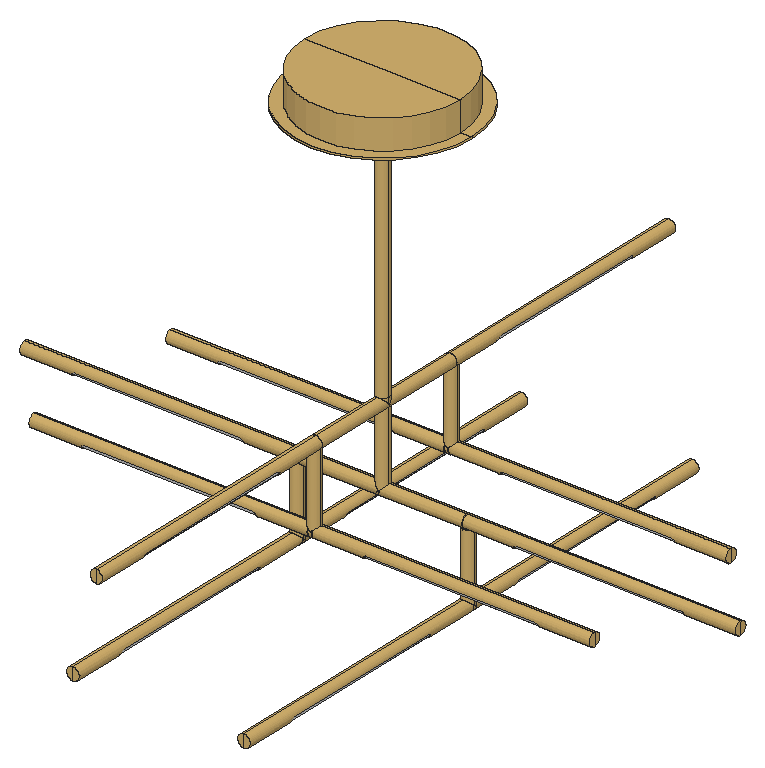
Revit family "3-806-XX PALILLO PENDANT", category Lighting Fixtures, host Ceiling, Revit 2019
Family settings
  Host = Ceiling
  Round Connector Dimension = Use Diameter
  Part Type = Normal
  OmniClass Number = 23.80.70.11
  OmniClass Title = Luminaries for Internal Lighting
  Always vertical = Yes
  Cut with Voids When Loaded = No
  Light Source = Yes
  Shared = No
  Room Calculation Point = No
Parameters (values of type "3-806-40 / Aged Brass - Matte White Acrylic")
  Wattage Comments = "6 x 8.5 W at 120 V"  # constant formula
  Wattage = 9.2903 W
  built-in parameter 1150110 = 1 (stored number, unit not read)
  Voltage Input = "120 V or 277 V - 50/60 Hz"  # constant formula
  Voltage = 120 V
  URL = "www.oxygenlighting.com"
  built-in parameter 1114217 = 1 (stored number, unit not read)
  built-in parameter 1150109 = 1 (stored number, unit not read)
  built-in parameter 1150134 = (empty or 0)
  built-in parameter 1150113 = 1 (stored number, unit not read)
  References = "Ref. 3 = 120 V / Ref. 37 = 277 V"  # constant formula
  Pendant height = 23"
  Model = "3-804-xx / Palillo Pendant"  # constant formula
  Metal Finish = 40 - Aged Brass
  Manufacturer = "Oxygen Lighting and Fans"  # constant formula
  Lumens = 1380 lm
  built-in parameter 1150115 = 1 (stored number, unit not read)
  built-in parameter 1150105 = 109.82 (stored number, unit not read)
  Light Source Symbol Size = 24"
  built-in parameter 1150137 = (empty or 0)
  built-in parameter 1150139 = (empty or 0)
  built-in parameter 1150112 = 1 (stored number, unit not read)
  built-in parameter 1150114 = 1 (stored number, unit not read)
  Lamp = "LED Array"  # constant formula
  built-in parameter 1150132 = 2
  built-in parameter 1150102 = (empty or 0)
  built-in parameter 1150138 = (empty or 0)
  built-in parameter 1150107 = 3000 (stored number, unit not read)
  built-in parameter 1150106 = 1.0982 (stored number, unit not read)
  built-in parameter 1150104 = 13.8 (stored number, unit not read)
  Dimming Lamp Color Temperature Shift = <None>
  Diffusers = Matte White Acrylic
  Color Filter = 16777215
  built-in parameter 1114218 = 1 (stored number, unit not read)
  built-in parameter 1150133 = 10 (stored number, unit not read)
Types (2): name | Pendant height | Metal Finish
  3-806-15 / Black - Matte White Acrylic | 26" | 15 - Black
  3-806-40 / Aged Brass - Matte White Acrylic | 23" | 40 - Aged Brass
Reference planes (in)
  plane 1 "Light Source Axis (F/B)": y = 0
  plane 2: z = 0
  plane 3 "Light Source Axis (L/R)": x = 0
  plane 4 "Ceiling": z = 157.48031
  plane 5 "Light Source Elevation": z = 134.48031
  plane 6: z = 142.73031
  plane 7: z = 155.90551
Forms (in)
  Revolve 1, solid, material "40 - Aged Brass" <- "Metal Finish"
    sketch origin (0, 0, 0) x (1, 0, 0) y (0, 0, 1)
      loop
        line (-0.31496, 155.59055) -> (-0.31496, 142.73031) -> (0, 142.73031) -> (0, 155.59055) -> (-0.31496, 155.59055)
      axis (0, 142.73031) -> (0, 155.59055)
    angle from 0 to 360
Dimensions and locks (in)
  equal spacing: host sketch curve, plane 3 "Light Source Axis (L/R)", host sketch curve
  equal spacing: host sketch curve, plane 1 "Light Source Axis (F/B)", host sketch curve
  host sketch curve to host sketch curve = 157.48031"  (x2)
  plane 4 "Ceiling" to host ceiling = 0"
  locked: plane 7 to plane 4 "Ceiling" at 1.5748
  "Pendant height": plane 5 "Light Source Elevation" to plane 4 "Ceiling"
  locked: plane 5 "Light Source Elevation" to plane 6 at 8.25
  aligned and locked: plane 3 "Light Source Axis (L/R)" to imposter light
  aligned and locked: plane 1 "Light Source Axis (F/B)" to imposter light
  aligned and locked: plane 5 "Light Source Elevation" to imposter light
  aligned and locked: plane 3 "Light Source Axis (L/R)" to nested 1
  aligned and locked: plane 1 "Light Source Axis (F/B)" to nested 1
  aligned and locked: nested 1 to plane 4 "Ceiling"
  aligned and locked: Revolve 1 to nested 1
  aligned and locked: Revolve 1 to plane 6
  aligned and locked: plane 3 "Light Source Axis (L/R)" to nested 2
  aligned and locked: plane 1 "Light Source Axis (F/B)" to nested 2
  aligned and locked: plane 6 to nested 2
Automatic sketch dimensions
  Revolve 1 sketch curve to plane 3 "Light Source Axis (L/R)" = 0"  (x2)
  Revolve 1 sketch curve to Revolve 1 sketch curve = 0.31496"
  Revolve 1 sketch curve to plane 7 = 13.1752"
  Revolve 1 sketch curve to plane 7 = 0.31496"
  Revolve 1 sketch curve to level = 14.10347"
  Revolve 1 sketch curve to plane 4 "Ceiling" = 14.25924"
Nested families (in)
  nested 1: "Family5" at (0, 0, 157.48031), type "Family5"
  nested 2: "Family6" at (0, 0, 142.41491), type "Family6"
Connectors (in)
  electrical at (0, 0, 157.48031), driven by "Voltage"
    settings: on nested 1, index 1, voltage 120 V, apparent load 0 VA, apparent load phase1 0 VA, apparent load phase2 0 VA, apparent load phase3 0 VA, power factor 1, load classification "Other", number of poles 1, system type 31, power factor state 1, is connector primary yes, connector utility no, sub classification motor no, connector description ""
Definition of nested family "Family5"
  Parameters (values of type "Family5")
    Metal Finish = none
  Reference planes (in)
    plane 1 "Center (Front/Back)": y = 0
    plane 2: z = 0
    plane 3 "Center (Left/Right)": x = 0
  Forms (in)
    Revolve 1, solid, material <- "Metal Finish"
      sketch origin (0, 0, -157.48031) x (1, 0, 0) y (0, 0, 1)
        loop
          line (0, 157.48031) -> (0, 155.90551) -> (0, 155.59055) -> (0.31496, 155.59055) -> (0.3937, 155.66929) -> (0.3937, 155.90551) -> (4.52756, 155.90551) -> (4.52756, 155.98425) -> (3.93701, 155.98425) -> (3.93701, 157.48031) -> (0, 157.48031)
        axis (0, 155.59055) -> (0, 157.48031)
      angle from 0 to 360
  Dimensions and locks (in)
    aligned and locked: level to plane 2
Definition of nested family "Family6"
  Parameters (values of type "Family6")
    Metal Finish = none
    Diffusers = none
  Reference planes (in)
    plane 1 "Center (Front/Back)": y = 0
    plane 2: z = 0
    plane 3 "Center (Left/Right)": x = 0
  Forms (in)
    Extrusion 1, solid, material <- "Metal Finish"
      sketch origin (0, 0, 0) x (1, 0, 0) y (0, 1, 0)
        loop
          circle (0, 0) r 0.31109
      from -3.97736 to 0.3154
    Extrusion 2, solid, material <- "Metal Finish"
      sketch origin (4.33071, 0, 0) x (1, 0, 0) y (0, 1, 0)
        loop
          circle (0, 0) r 0.31109
      from -7.70866 to -4.17421
    Extrusion 3, solid, material <- "Metal Finish"
      sketch origin (-4.33071, 0, 0) x (1, 0, 0) y (0, 1, 0)
        loop
          circle (0, 0) r 0.31109
      from -7.70866 to -4.17421
    Extrusion 4, solid, material <- "Metal Finish"
      sketch origin (0, 4.32936, 0) x (1, 0, 0) y (0, 1, 0)
        loop
          circle (0, 0) r 0.31109
      from -3.97736 to 0
    Extrusion 5, solid, material <- "Metal Finish"
      sketch origin (0, -4.33206, 0) x (1, 0, 0) y (0, 1, 0)
        loop
          circle (0, 0) r 0.31109
      from -3.97736 to 0
  Dimensions and locks (in)
    aligned and locked: level to plane 2
  Nested families (in)
    nested 1: "Family1" at (0, 0, -3.92815), type "Family1"
      with Lenght 36.22047", Center 8.51353"
    nested 2: "Family1" at (-4.33071, -0.00889, -7.65945) x (0, -1, 0) z (0, 0, 1), type "Family1"
      with Lenght 28.34646", Center 0.20749"
    nested 3: "Family1" at (4.33071, -0.00889, -7.65945) x (0, -1, 0) z (0, 0, 1), type "Family1"
      with Lenght 28.34646", Center 0.20749"
    nested 4: "Family1" at (-0.00135, 4.32182, -3.92815) x (-1, -0.0003, 0) z (0, 0, 1), type "Family1"
      with Lenght 28.34646", Center 0.20749"
    nested 5: "Family1" at (0.00135, -4.33959, -3.92815) x (-1, -0.0003, 0) z (0, 0, 1), type "Family1"
      with Lenght 28.34646", Center 0.20749"
    nested 6: "Family1" at (0, 0, 0) x (0, -1, 0) z (0, 0, 1), type "Family1"
      with Lenght 36.22047", Center 8.51353"
  Definition of nested family "Family1"
    Parameters (values of type "Family1")
      Met = none
      Lenght [instance] = 32.2229"
      Diffuser = none
      Center [instance] = 3.87644"
    Reference planes (in)
      plane 1 "Center (Front/Back)": y = 0
      plane 2: z = 0
      plane 3 "Center (Left/Right)": x = 0
      plane 4: x = -16.11145
      plane 5: x = 16.11145
      plane 6: x = -1.93822
      plane 7: x = 1.93822
    Forms (in)
      Revolve 1, solid, material <- "Met"
        sketch origin (0, 0, 0) x (1, 0, 0) y (0, 0, 1)
          loop
            line (-16.11145, 0) -> (-1.93822, 0) -> (-1.93822, 0.31496) -> (-16.11145, 0.31496) -> (-16.11145, 0)
          axis (-16.11145, 0) -> (-1.93822, 0)
        angle from 0 to 360
      Revolve 2, solid, material <- "Diffuser"
        sketch origin (0, 0, 0) x (1, 0, 0) y (0, 0, 1)
          loop
            line (-16.11145, 0) -> (-1.93822, 0) -> (-1.93822, 0.31496) -> (-16.11145, 0.31496) -> (-16.11145, 0)
          axis (-16.11145, 0) -> (-1.93822, 0)
        angle from 0 to 360
      Extrusion 3, void
        sketch origin (0, 0, 0) x (1, 0, 0) y (0, 0, 1)
          loop
            arc (-4.49727, -0.31496) -> (-4.57511, -0.12705) -> (-4.76302, -0.04921) r 0.26575
            line (-4.76302, -0.04921) -> (-13.28664, -0.04921)
            arc (-13.28664, -0.04921) -> (-13.47456, -0.12705) -> (-13.55239, -0.31496) r 0.26575
            line (-13.55239, -0.31496) -> (-4.49727, -0.31496)
        from -0.36407 to 0.35552
      Extrusion 4, void
        sketch origin (0, 0, 0) x (1, 0, 0) y (0, 0, 1)
          loop
            line (-13.28664, -0.04921) -> (-4.76302, -0.04921)
            arc (-4.76302, -0.04921) -> (-4.57511, -0.12705) -> (-4.49727, -0.31496) r 0.26575
            line (-4.49727, -0.31496) -> (-1.93822, -0.31496) -> (-1.93822, 0.31496) -> (-16.11145, 0.31496) -> (-16.11145, -0.31496) -> (-13.55239, -0.31496)
            arc (-13.55239, -0.31496) -> (-13.47456, -0.12705) -> (-13.28664, -0.04921) r 0.26575
        from -0.36407 to 0.35552
      Revolve 5, solid, material <- "Met"
        sketch origin (0, 0, 0) x (-1, 0, 0) y (0, 0, 1)
          loop
            line (-16.11145, 0) -> (-1.93822, 0) -> (-1.93822, 0.31496) -> (-16.11145, 0.31496) -> (-16.11145, 0)
          axis (-16.11145, 0) -> (-1.93822, 0)
        angle from 0 to 360
      Revolve 6, solid, material <- "Diffuser"
        sketch origin (0, 0, 0) x (-1, 0, 0) y (0, 0, 1)
          loop
            line (-16.11145, 0) -> (-1.93822, 0) -> (-1.93822, 0.31496) -> (-16.11145, 0.31496) -> (-16.11145, 0)
          axis (-16.11145, 0) -> (-1.93822, 0)
        angle from 0 to 360
      Extrusion 7, void
        sketch origin (0, 0, 0) x (-1, 0, 0) y (0, 0, -1)
          loop
            line (-4.49727, 0.31496) -> (-13.55239, 0.31496)
            arc (-13.55239, 0.31496) -> (-13.47456, 0.12705) -> (-13.28664, 0.04921) r 0.26575
            line (-13.28664, 0.04921) -> (-4.76302, 0.04921)
            arc (-4.76302, 0.04921) -> (-4.57511, 0.12705) -> (-4.49727, 0.31496) r 0.26575
        from -0.36407 to 0.35552
      Extrusion 8, void
        sketch origin (0, 0, 0) x (-1, 0, 0) y (0, 0, -1)
          loop
            arc (-13.28664, 0.04921) -> (-13.47456, 0.12705) -> (-13.55239, 0.31496) r 0.26575
            line (-13.55239, 0.31496) -> (-16.11145, 0.31496) -> (-16.11145, -0.31496) -> (-1.93822, -0.31496) -> (-1.93822, 0.31496) -> (-4.49727, 0.31496)
            arc (-4.49727, 0.31496) -> (-4.57511, 0.12705) -> (-4.76302, 0.04921) r 0.26575
            line (-4.76302, 0.04921) -> (-13.28664, 0.04921)
        from -0.36407 to 0.35552
      Revolve 9, solid, material <- "Met"
        sketch origin (0, 0, 0) x (1, 0, 0) y (0, 0, 1)
          loop
            line (1.93822, 0) -> (1.93822, 0.31496) -> (-1.93822, 0.31496) -> (-1.93822, 0) -> (1.93822, 0)
          axis (-1.93822, 0) -> (1.93822, 0)
        angle from 0 to 360
    Cuts and joins
      Extrusion 3 cuts Revolve 1
      Extrusion 4 cuts Revolve 2
      Extrusion 7 cuts Revolve 5
      Extrusion 8 cuts Revolve 6
    Dimensions and locks (in)
      equal spacing: plane 5, plane 3 "Center (Left/Right)", plane 4
      locked: Extrusion 8 sketch curve to plane 7 at 2.8248
      locked: Extrusion 8 sketch curve to plane 5 at 2.8248
      locked: Extrusion 7 sketch curve to plane 5 at 2.8248
      locked: Extrusion 7 sketch curve to plane 7 at 2.8248
      locked: plane 4 to Extrusion 4 sketch curve at 2.8248
      locked: Extrusion 4 sketch curve to plane 6 at 2.8248
      locked: Extrusion 3 sketch curve to plane 6 at 2.8248
      locked: plane 4 to Extrusion 3 sketch curve at 2.8248
      "Lenght": plane 4 to plane 5
      equal spacing: plane 6, plane 3 "Center (Left/Right)", plane 7
      "Center": plane 6 to plane 7
      aligned and locked: level to plane 2
      aligned and locked: plane 4 to Revolve 1
      aligned and locked: plane 6 to Revolve 1
      aligned and locked: plane 5 to cut or joined group of Revolve 5, Extrusion 7
      aligned and locked: cut or joined group of Revolve 5, Extrusion 7 to plane 7
      aligned and locked: plane 7 to Extrusion 8 sketch curve
      aligned and locked: plane 5 to Extrusion 8 sketch curve
      aligned and locked: plane 4 to cut or joined group of Revolve 2, Extrusion 4
      aligned and locked: plane 6 to cut or joined group of Revolve 2, Extrusion 4
      aligned and locked: cut or joined group of Revolve 6, Extrusion 8 to plane 7
      aligned and locked: plane 5 to cut or joined group of Revolve 6, Extrusion 8
      aligned and locked: Revolve 9 sketch curve to plane 6
      aligned and locked: Revolve 9 sketch curve to plane 7
    Automatic sketch dimensions
      Revolve 1 sketch curve to level = 0"  (x2)
      plane 4 to Revolve 1 sketch curve = 0"
      plane 6 to Revolve 1 sketch curve = 0"
      level to Revolve 1 sketch curve = 0.31496"
      Revolve 1 sketch curve to Revolve 1 sketch curve = 2.3622"
      Revolve 1 sketch curve to plane 5 = 5.27665"
      Revolve 2 sketch curve to level = 0"  (x2)
      plane 4 to Revolve 2 sketch curve = 0"
      Revolve 2 sketch curve to plane 6 = 0"
      level to Revolve 2 sketch curve = 0.31496"
      Revolve 2 sketch curve to Revolve 2 sketch curve = 2.3622"
      Revolve 2 sketch curve to plane 5 = 5.27665"
      Extrusion 3 sketch curve to level = 0.31496"
      Extrusion 3 sketch curve to Extrusion 3 sketch curve = 0.26575"
      plane 4 to Extrusion 4 sketch curve = 0"
      plane 6 to Extrusion 4 sketch curve = 0"
      Extrusion 4 sketch curve to level = 0.31496"
      Extrusion 4 sketch curve to level = 0.04921"
      Extrusion 4 sketch curve to Extrusion 4 sketch curve = 0.26575"
      level to Extrusion 4 sketch curve = 0.31496"
      Revolve 5 sketch curve to level = 0"  (x2)
      Revolve 5 sketch curve to plane 5 = 0"
      Revolve 5 sketch curve to plane 7 = 0"
      Revolve 5 sketch curve to Revolve 5 sketch curve = 0.31496"
      Revolve 5 sketch curve to Revolve 5 sketch curve = 2.3622"
      Revolve 5 sketch curve to plane 4 = 5.27665"
      Revolve 6 sketch curve to level = 0"  (x2)
      plane 5 to Revolve 6 sketch curve = 0"
      plane 7 to Revolve 6 sketch curve = 0"
      Revolve 6 sketch curve to Revolve 6 sketch curve = 0.31496"
      Revolve 6 sketch curve to Revolve 6 sketch curve = 2.3622"
      Revolve 6 sketch curve to plane 4 = 5.27665"
      Extrusion 7 sketch curve to level = 0.31496"
      Extrusion 7 sketch curve to Extrusion 7 sketch curve = 0.26575"
      Extrusion 8 sketch curve to level = 0.31496"
      Extrusion 8 sketch curve to level = 0.04921"
      Extrusion 8 sketch curve to Extrusion 8 sketch curve = 0.26575"
      level to Extrusion 8 sketch curve = 0.31496"
      Revolve 9 sketch curve to level = 0"  (x2)
      level to Revolve 9 sketch curve = 0.31496"
      plane 6 to Revolve 9 sketch curve = 0.59055"
      plane 7 to Revolve 9 sketch curve = 0.84797"
